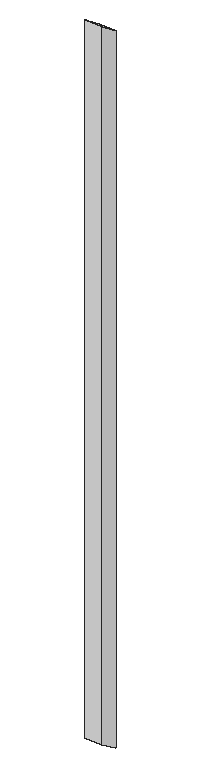
Revit family "Square (3)", category 난간동자, Revit 2026
Family settings
  항상 수직 = 예
  로드될 때 보이드를 사용하여 절단 = 아니오
  공유 = 아니오
Parameters (values of type "20mm")
  built-in parameter 1008623 [instance] = 32.47°
  built-in parameter 1008625 [instance] = (empty or 0)
  Post = no
  built-in parameter 1008624 [instance] = 32.47°
  Width = 20 mm
  Material Baluster = Metal - Steel
  built-in parameter 1008622 [instance] = 750 mm
Types (9, lengths in mm): name | Width | Material Baluster
  (no name) | 20 | Metal - Steel
  25mm | 25 | none
  20mm | 20 | Metal - Steel
  50mm | 50 | none
  75mm | 75 | none
  38mm | 38 | none
  15mm | 15 | none
  10mm | 10 | none
  8mm | 8 | none
Reference planes
  plane 1 "Center (Front/Back)": y = 0
  plane 2: z = 0
  plane 3 "Center (Left/Right)": x = 0
  plane 4 "Top": z = 750
  plane 5 "Top Angle Cut": through (0, 339.699, 533.838) normal (0, -0.5369, -0.8437)
  plane 6: z = 850
  plane 7: x = -20
  plane 8: x = 20
  plane 9: y = 20
  plane 10: y = -20
  plane 11 "Bottom Angle Cut": through (0, 0, 0) normal (0, -0.5369, -0.8437)
  plane 12: z = -100
Forms (mm)
  Extrusion 1, solid, material "Metal - Steel" <- "Material Baluster"
    sketch origin (0, 0, 0) x (1, 0, 0) y (0, 1, 0)
      loop
        line (-10, 10) -> (-10, -10) -> (10, -10) -> (10, 10) -> (-10, 10)
    from -100 to 850
  Extrusion 2, void
    sketch origin (0, 0, 0) x (0, 1, 0) y (0, 0, 1)
      loop
        line (-20, 850) -> (-20, 762.727) -> (20, 737.273) -> (20, 850) -> (-20, 850)
      loop
        line (-20, -100) -> (20, -100) -> (20, -12.727) -> (-20, 12.727) -> (-20, -100)
    from -20 to 20
Cuts and joins
  Extrusion 2 cuts Extrusion 1
Dimensions and locks
  "built-in parameter 1008622": plane 2 to plane 4 "Top"
  locked: plane 4 "Top" to plane 6 at 100
  equal spacing: Extrusion 1 sketch curve, plane 3 "Center (Left/Right)", Extrusion 1 sketch curve
  equal spacing: Extrusion 1 sketch curve, plane 1 "Center (Front/Back)", Extrusion 1 sketch curve
  "Width": Extrusion 1 sketch curve to Extrusion 1 sketch curve  (x2)
  "Width": plane 7 to plane 3 "Center (Left/Right)"
  "Width": plane 3 "Center (Left/Right)" to plane 8
  "Width": plane 10 to plane 1 "Center (Front/Back)"
  "Width": plane 1 "Center (Front/Back)" to plane 9
  locked: level to plane 12 at 100
  "built-in parameter 1008623": angle plane 4 "Top" to plane 5 "Top Angle Cut"
  "built-in parameter 1008624": angle level to plane 11 "Bottom Angle Cut"
  aligned and locked: Extrusion 1 to plane 6
  aligned and locked: Extrusion 2 to plane 7
  aligned and locked: plane 8 to Extrusion 2
  aligned and locked: plane 6 to Extrusion 2 sketch curve
  aligned and locked: plane 9 to Extrusion 2 sketch curve
  aligned and locked: plane 10 to Extrusion 2 sketch curve  (x2)
  aligned and locked: Extrusion 2 sketch curve to plane 5 "Top Angle Cut"
  aligned and locked: plane 12 to Extrusion 1
  aligned and locked: plane 12 to Extrusion 2 sketch curve
  aligned and locked: Extrusion 2 sketch curve to plane 9
  aligned and locked: Extrusion 2 sketch curve to plane 11 "Bottom Angle Cut"
